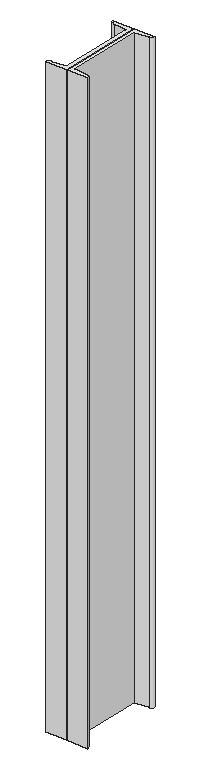
Revit family
Parameters (values of type "2C380X74")
  공간 = 0 mm
  기둥 재료 [instance] = 금속 - 스틸 - 345 MPa
  A = 19000.00 mm²
  Assembly Code = "B10"
  W = 1.46
  bf = 94.4 mm
  d = 381 mm
  tf = 16.5 mm
  tw = 18.2 mm
Reference planes
  plane 1: y = 0
  plane 2: z = 0
  plane 3: x = 0
  plane 4: x = -94.4
  plane 5: x = 94.4
  plane 6: y = 190.5
  plane 7: y = -190.5
  plane 8: x = 0
  plane 9: x = 0
  plane 10: y = 174
  plane 11: y = -174
  plane 12: x = 18.2
  plane 13: x = -18.2
  plane 14: x = 77.9
  plane 15: x = -77.9
Forms (mm)
  Extrusion 1, solid, material "금속 - 스틸 - 345 MPa" <- "기둥 재료", detail levels medium
    sketch origin (0, 0, 0) x (1, 0, 0) y (0, 1, 0)
      loop
        line (94.4, 190.5) -> (0, 190.5) -> (0, -190.5) -> (94.4, -190.5) -> (94.4, -174) -> (18.2, -161.931) -> (18.2, 161.931) -> (94.4, 174) -> (94.4, 190.5)
    from 0 to 2700
  Extrusion 2, solid, material "금속 - 스틸 - 345 MPa" <- "기둥 재료", detail levels fine
    sketch origin (0, 0, 0) x (1, 0, 0) y (0, 1, 0)
      loop
        line (94.4, 190.5) -> (0, 190.5) -> (0, -190.5) -> (94.4, -190.5)
        arc (94.4, -190.5) -> (89.567, -178.833) -> (77.9, -174) r 16.5
        line (77.9, -174) -> (18.2, -164.544) -> (18.2, 164.544) -> (77.9, 174)
        arc (77.9, 174) -> (89.567, 178.833) -> (94.4, 190.5) r 16.5
    from 0 to 2700
  Extrusion 3, solid, material "금속 - 스틸 - 345 MPa" <- "기둥 재료", detail levels medium
    sketch origin (0, 0, 0) x (-1, 0, 0) y (0, -1, 0)
      loop
        line (94.4, -190.5) -> (94.4, -174) -> (18.2, -161.931) -> (18.2, 161.931) -> (94.4, 174) -> (94.4, 190.5) -> (0, 190.5) -> (0, -190.5) -> (94.4, -190.5)
    from 0 to 2700
  Extrusion 4, solid, material "금속 - 스틸 - 345 MPa" <- "기둥 재료", detail levels fine
    sketch origin (0, 0, 0) x (-1, 0, 0) y (0, -1, 0)
      loop
        arc (94.4, -190.5) -> (89.567, -178.833) -> (77.9, -174) r 16.5
        line (77.9, -174) -> (18.2, -164.544) -> (18.2, 164.544) -> (77.9, 174)
        arc (77.9, 174) -> (89.567, 178.833) -> (94.4, 190.5) r 16.5
        line (94.4, 190.5) -> (0, 190.5) -> (0, -190.5) -> (94.4, -190.5)
    from 0 to 2700
Lines and regions (mm)
  symbolic lines, style "StructuralColumnStickSymbols", detail levels coarse
    curve 1: line (0, 190.5, 0) -> (94.4, 190.5, 0)
    curve 2: line (0, -190.5, 0) -> (94.4, -190.5, 0)
    curve 3: line (0, 190.5, 0) -> (0, -190.5, 0)
    curve 6: line (0, 190.5, 0) -> (-94.4, 190.5, 0)
    curve 7: line (0, -190.5, 0) -> (-94.4, -190.5, 0)
    curve 8: line (0, 190.5, 0) -> (0, -190.5, 0)
  symbolic lines, style "숨겨진 면", detail levels medium+fine
    curve 4: line (-18.2, 0, 0) -> (-18.2, 0, 2700)
    curve 5: line (18.2, 0, 2700) -> (18.2, 0, 0)
Dimensions and locks
  equal spacing: plane 7, plane 1, plane 6
  "d": plane 7 to plane 6
  equal spacing: plane 8, plane 3, plane 9
  "공간": plane 8 to plane 9
  "bf": plane 9 to plane 5
  "bf": plane 4 to plane 8
  "tf": plane 6 to plane 10
  "tf": plane 7 to plane 11
  "tw": plane 9 to plane 12
  "tw": plane 8 to plane 13
  "tf": plane 14 to plane 5
  "tf": plane 15 to plane 4
  "tf": radius of Extrusion 2 sketch curve  (x2)
  "tf": radius of Extrusion 4 sketch curve  (x2)
  locked: plane 10 to Extrusion 1 sketch curve (angle 9.00°)
  locked: Extrusion 1 sketch curve to plane 11 (angle 9.00°)
  locked: Extrusion 2 sketch curve to plane 11 (angle 9.00°)
  angle plane 10 to Extrusion 2 sketch curve = 9.00°
  locked: Extrusion 3 sketch curve to plane 10 (angle 9.00°)
  locked: plane 11 to Extrusion 3 sketch curve (angle 9.00°)
  locked: Extrusion 4 sketch curve to plane 10 (angle 9.00°)
  locked: plane 11 to Extrusion 4 sketch curve (angle 9.00°)
  aligned and locked: level to plane 2
  aligned and locked: plane 9 to curve 2
  aligned and locked: plane 9 to curve 1
  aligned and locked: plane 5 to curve 2
  aligned and locked: plane 5 to curve 1
  aligned and locked: plane 6 to curve 1
  aligned and locked: curve 7 to plane 7
  aligned and locked: curve 6 to plane 6
  aligned and locked: plane 4 to curve 6
  aligned and locked: plane 4 to curve 7
  aligned and locked: plane 7 to curve 3
  aligned and locked: plane 8 to curve 7
  aligned and locked: plane 8 to curve 6
  aligned and locked: level to curve 5
  aligned and locked: level to curve 4
  aligned and locked: plane 12 to curve 5
  aligned and locked: plane 13 to curve 4
  aligned and locked: plane 6 to Extrusion 1 sketch curve
  aligned and locked: Extrusion 1 sketch curve to plane 9
  aligned and locked: Extrusion 1 sketch curve to plane 7
  aligned and locked: plane 12 to Extrusion 1 sketch curve
  aligned and locked: plane 5 to Extrusion 1 sketch curve  (x4)
  aligned and locked: plane 11 to Extrusion 1 sketch curve
  aligned and locked: Extrusion 2 sketch curve to plane 6
  aligned and locked: plane 9 to Extrusion 2 sketch curve
  aligned and locked: plane 7 to Extrusion 2 sketch curve
  aligned and locked: Extrusion 2 sketch curve to plane 12
  aligned and locked: plane 14 to Extrusion 2 sketch curve  (x4)
  aligned and locked: plane 11 to Extrusion 2 sketch curve
  aligned and locked: plane 10 to Extrusion 2 sketch curve
  aligned and locked: plane 7 to Extrusion 3 sketch curve
  aligned and locked: plane 8 to Extrusion 3 sketch curve
  aligned and locked: Extrusion 3 sketch curve to plane 6
  aligned and locked: plane 4 to Extrusion 3 sketch curve  (x2)
  aligned and locked: Extrusion 3 sketch curve to plane 13
  aligned and locked: Extrusion 4 sketch curve to plane 8
  aligned and locked: plane 6 to Extrusion 4 sketch curve  (x2)
  aligned and locked: plane 13 to Extrusion 4 sketch curve
  aligned and locked: Extrusion 4 sketch curve to plane 7
  aligned and locked: plane 7 to Extrusion 4 sketch curve
  aligned and locked: plane 15 to Extrusion 4 sketch curve  (x2)
  aligned and locked: level to Extrusion 2
  aligned and locked: level to Extrusion 4
  aligned and locked: level to Extrusion 1
  aligned and locked: level to Extrusion 3
  aligned and locked: Extrusion 1 to plane 2
  aligned and locked: Extrusion 3 to plane 2
  aligned and locked: Extrusion 2 to plane 2
  aligned and locked: Extrusion 4 to plane 2
Automatic sketch dimensions
  curve 5 to level = 0 mm
  curve 4 to level = 0 mm
  Extrusion 1 sketch curve to plane 10 = 0 mm
  Extrusion 3 sketch curve to plane 11 = 0 mm
  Extrusion 3 sketch curve to plane 10 = 0 mm
